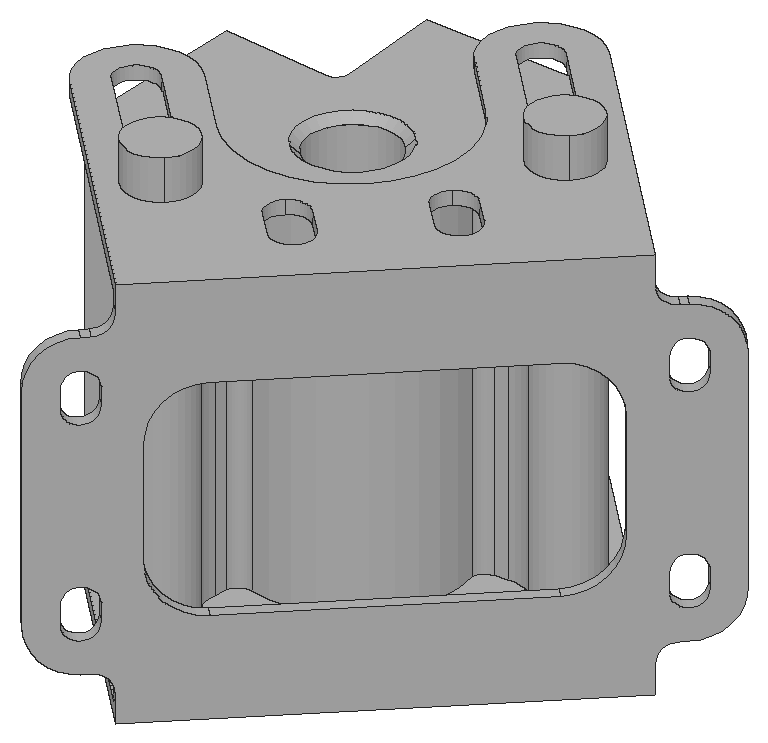
Revit family "676767", category Pipe Fittings, Revit 2018
Family settings
  Round Connector Dimension = Use Diameter
  Part Type = Elbow
  OmniClass Number = 23.27.43.00
  OmniClass Title = Pipe Fittings
  Work Plane-Based = No
  Always vertical = Yes
  Cut with Voids When Loaded = No
  Shared = No
Parameters (values of type "90642")
  Tick Size 02 [instance] = Nominal Diameter 02 * 0.4  # 5.08 mm
  QR code = "https://www.bimobject.com/aignep/product/2-ways-manifold-90642"
  Product url = "https://www.aignep.com/eng/Pipe-fittings-INFINITY/Air-Pipeline-INFINITY-Series/2-WAYS-MANIFOLD2"
  Product name = "2 Ways Manifold - 90642"
  Product group = "Fittings"
  Product family = "INFINITY"
  Product certification = "https://www.aignep.com/eng/Certificazioni/FREE-OF-SILICON"
  Product SKU = "2-Ways-Manifold-90642"
  Product Material = AIGNEP - Aluminium - Grey
  Product Guid = "7b8027e3-e174-44d8-81e9-7c9894361d6e"
  OmniClass Description = "Pipe Fittings"
  OmniClass Code = "23-27 43 00"
  Nominal Diameter 02 [instance] = 12.700 mm
  Nominal Diameter 01 [instance] = 12.700 mm
  Material main = "Aluminium"
  Manufacturer name = "Aignep Spa"
  Manufacturer country = "Italy"
  Lmin [instance] = 35.00 mm  # constant formula
  Lmax [instance] = 60.00 mm  # constant formula
  L Control [instance] = if(L > Lmax, Lmax, if(L < Lmin, Lmin, L))  # 35.00 mm
  L [instance] = 35.00 mm
  IFC Classification = "Pipe Fitting"
  F2/2 [instance] = F2 / 2  # 6.35 mm
  Design country = "Italy"
  Description = "2 Ways Manifold"
  URL = "https://www.aignep.com/"
  Tick Size 01 [instance] = Nominal Diameter 01 * 0.4  # 5.08 mm
  Product data url = "https://www.bimobject.com/aignep/product/2-ways-manifold-90642"
  Model = "90642"
  Manufacturer = "Aignep Spa"
  Lookup Table Name = "2 Ways Manifold - 90642"
  Keynote = "15410"
  Edition number = 1
  F1 [instance] = if(Nominal Diameter 01 > Nominal Diameter 02, size_lookup(Lookup Table Name, "F1", 0.00 mm, Nominal Diameter 01, Nominal Diameter 02), size_lookup(Lookup Table Name, "F1", 0.00 mm, Nominal Diameter 02, Nominal Diameter 01))  # 12.70 mm
  F2 [instance] = if(Nominal Diameter 01 > Nominal Diameter 02, size_lookup(Lookup Table Name, "F2", 0.00 mm, Nominal Diameter 01, Nominal Diameter 02), size_lookup(Lookup Table Name, "F2", 0.00 mm, Nominal Diameter 02, Nominal Diameter 01))  # 12.70 mm
  BIMobject category = "Joints"
  Assembly Code = "D2040100"
  Article Code [instance] = if(Nominal Diameter 01 > Nominal Diameter 02, size_lookup(Lookup Table Name, "", "", Nominal Diameter 01, Nominal Diameter 02), size_lookup(Lookup Table Name, "", "", Nominal Diameter 02, Nominal Diameter 01))  # "90642 00 001"
Reference planes
  plane 1 "Center (Front/Back)": y = 0
  plane 2: z = 0
  plane 3 "Center (Left/Right)": x = 0
  plane 4: through (-1.924, 1.924, 1200) normal (-0.7071, 0.7071, 0)
Dimensions and locks
  locked: plane 4 to plane 3 "Center (Left/Right)" at 2.721
  locked: plane 4 to nested 1 at 2.721
  locked: plane 1 "Center (Front/Back)" to plane 4 (angle 45.00°)
  aligned and locked: level to plane 2
Nested families
  nested 1: "90642 - Geometry" at (22.825, -22.825, 0) x (0, 0, -1) z (-0.7071, 0.7071, 0), Nominal Diameter 01 <- "Nominal Diameter 01", Nominal Diameter 02 <- "Nominal Diameter 02", L <- "L", Lmax <- "Lmax", Lmin <- "Lmin", F1 <- "F1", F2 <- "F2", F2/2 <- "F2/2", L Control <- "L Control", Tick Size 01 <- "Tick Size 01", Tick Size 02 <- "Tick Size 02", type "90642 - Geometry"
    with Tick Size 02 5.08 mm, Tick Size 01 5.08 mm, Nominal Diameter 02 12.700 mm, Nominal Diameter 01 12.700 mm, Lmin 35.00 mm, Lmax 60.00 mm, L Control 35.00 mm, L 35.00 mm, F2/2 6.35 mm, F2 12.70 mm, F1 12.70 mm
Connectors
  piping at (-15.46, 0, 0), diameter 12.7, driven by "Nominal Diameter 02"
    settings: on nested 1, index 1, connector inside diameter 609.600 mm, connector length 0.00 mm, flow factor 0, pipe flow 0.0 L/s, pressure drop 0.0 Pa, fitting loss kfactor 0, connector angle 0.00°, fixture units 0, engagement length 0.00 mm, angle of deflection 0.00°, flow configuration 0, flow direction 0, fitting loss method 0, system type 28, joint type 0, gender type 0, connector reference index 2, connector utility 0, adjustable connector no, is connector primary yes, connector description ""
  piping at (0, 15.46, 0), diameter 12.7, driven by "Nominal Diameter 02"
    settings: on nested 1, index 2, connector inside diameter 609.600 mm, connector length 0.00 mm, flow factor 0, pipe flow 0.0 L/s, pressure drop 0.0 Pa, fitting loss kfactor 0, connector angle 0.00°, fixture units 0, engagement length 0.00 mm, angle of deflection 0.00°, flow configuration 0, flow direction 0, fitting loss method 0, system type 28, joint type 0, gender type 0, connector reference index 1, connector utility 0, adjustable connector no, is connector primary no, connector description ""
  piping at (-1.924, 1.924, 13.048), diameter 12.7, driven by "Nominal Diameter 01"
    settings: on nested 1, index 3, connector inside diameter 609.600 mm, connector length 0.00 mm, flow factor 0, pipe flow 0.0 L/s, pressure drop 0.0 Pa, fitting loss kfactor 0, connector angle 0.00°, fixture units 0, engagement length 0.00 mm, angle of deflection 0.00°, flow configuration 0, flow direction 0, fitting loss method 0, system type 28, joint type 0, gender type 0, connector reference index -1, connector utility 0, adjustable connector no, is connector primary no, connector description ""
  piping at (-1.924, 1.924, -10.595), diameter 12.7, driven by "Nominal Diameter 02"
    settings: on nested 1, index 4, connector inside diameter 609.600 mm, connector length 0.00 mm, flow factor 0, pipe flow 0.0 L/s, pressure drop 0.0 Pa, fitting loss kfactor 0, connector angle 0.00°, fixture units 0, engagement length 0.00 mm, angle of deflection 0.00°, flow configuration 0, flow direction 0, fitting loss method 0, system type 28, joint type 0, gender type 0, connector reference index -1, connector utility 0, adjustable connector no, is connector primary no, connector description ""
Definition of nested family "90642 - Geometry"
  Parameters (values of type "90642 - Geometry")
    Tick Size 02 [instance] = 5.08 mm
    Product Material = none
    Nominal Diameter 02 [instance] = 12.700 mm
    Nominal Diameter 01 [instance] = 12.700 mm
    Lmin [instance] = 35.00 mm
    Lmax [instance] = 60.00 mm
    L Control [instance] = 35.00 mm
    L [instance] = 35.00 mm
    F2/2 [instance] = 6.35 mm
    Default Elevation = 1219.20 mm
    Description = ""
    URL = ""
    Tick Size 01 [instance] = 5.08 mm
    Model = ""
    Manufacturer = ""
    Keynote = ""
    F1 [instance] = 12.70 mm
    F2 [instance] = 12.70 mm
    Assembly Code = ""
  Reference planes
    plane 1 "Center (Front/Back)": y = 0
    plane 2: z = 0
    plane 3 "Center (Left/Right)": x = 0
    plane 4 "L": z = 35
    plane 5: x = 36
    plane 6: x = -36
    plane 7: y = 6.35
    plane 8: y = -6.35
    plane 9: y = 6.35
    plane 10: y = -6.35
    plane 11 "1": z = 43.211
    plane 12: y = 10.932
    plane 13: y = -10.932
  Forms (mm)
    Extrusion 1, solid, material <- "Product Material", detail levels fine
      sketch origin (0, 0, 0) x (0, 1, 0) y (0, 0, 1)
        loop
          arc (0, 21.109) -> (-11.443, 25.723) -> (-16.2, 37.108) r 16
          line (-16.2, 37.108) -> (-16.2, 49.608)
          arc (-16.2, 49.608) -> (-18.561, 55.282) -> (-24.25, 57.608) r 8
          arc (-24.25, 57.608) -> (-29.939, 55.282) -> (-32.3, 49.608) r 8
          line (-32.3, 49.608) -> (-32.3, 0) -> (32.3, 0) -> (32.3, 49.608)
          arc (32.3, 49.608) -> (29.939, 55.282) -> (24.25, 57.608) r 8
          arc (24.25, 57.608) -> (18.561, 55.282) -> (16.2, 49.608) r 8
          line (16.2, 49.608) -> (16.2, 37.108)
          arc (16.2, 37.108) -> (11.443, 25.723) -> (0, 21.109) r 16
        loop
          line (13.05, 10.2) -> (13.05, 15.2)
          arc (13.05, 15.2) -> (12.157, 17.357) -> (10, 18.25) r 3.05
          arc (10, 18.25) -> (7.843, 17.357) -> (6.95, 15.2) r 3.05
          line (6.95, 15.2) -> (6.95, 10.2)
          arc (6.95, 10.2) -> (10, 7.15) -> (13.05, 10.2) r 3.05
        loop
          line (-6.95, 10.2) -> (-6.95, 15.2)
          arc (-6.95, 15.2) -> (-7.843, 17.357) -> (-10, 18.25) r 3.05
          arc (-10, 18.25) -> (-12.157, 17.357) -> (-13.05, 15.2) r 3.05
          line (-13.05, 15.2) -> (-13.05, 10.2)
          arc (-13.05, 10.2) -> (-10, 7.15) -> (-6.95, 10.2) r 3.05
        loop
          line (27.3, 23.683) -> (27.3, 49.683)
          arc (27.3, 49.683) -> (24.25, 52.733) -> (21.2, 49.683) r 3.05
          line (21.2, 49.683) -> (21.2, 23.683)
          arc (21.2, 23.683) -> (24.25, 20.633) -> (27.3, 23.683) r 3.05
        loop
          line (-21.2, 23.683) -> (-21.2, 49.683)
          arc (-21.2, 49.683) -> (-24.25, 52.733) -> (-27.3, 49.683) r 3.05
          line (-27.3, 49.683) -> (-27.3, 23.683)
          arc (-27.3, 23.683) -> (-24.25, 20.633) -> (-21.2, 23.683) r 3.05
      from 28 to 30
    Extrusion 2, solid, material <- "Product Material", detail levels fine
      sketch origin (0, 0, 0) x (0, 1, 0) y (0, 0, 1)
        loop
          arc (0, 21.109) -> (-11.443, 25.723) -> (-16.2, 37.108) r 16
          line (-16.2, 37.108) -> (-16.2, 49.608)
          arc (-16.2, 49.608) -> (-18.561, 55.282) -> (-24.25, 57.608) r 8
          arc (-24.25, 57.608) -> (-29.939, 55.282) -> (-32.3, 49.608) r 8
          line (-32.3, 49.608) -> (-32.3, 0) -> (32.3, 0) -> (32.3, 49.608)
          arc (32.3, 49.608) -> (29.939, 55.282) -> (24.25, 57.608) r 8
          arc (24.25, 57.608) -> (18.561, 55.282) -> (16.2, 49.608) r 8
          line (16.2, 49.608) -> (16.2, 37.108)
          arc (16.2, 37.108) -> (11.443, 25.723) -> (0, 21.109) r 16
        loop
          line (13.05, 10.2) -> (13.05, 15.2)
          arc (13.05, 15.2) -> (12.157, 17.357) -> (10, 18.25) r 3.05
          arc (10, 18.25) -> (7.843, 17.357) -> (6.95, 15.2) r 3.05
          line (6.95, 15.2) -> (6.95, 10.2)
          arc (6.95, 10.2) -> (10, 7.15) -> (13.05, 10.2) r 3.05
        loop
          line (-6.95, 10.2) -> (-6.95, 15.2)
          arc (-6.95, 15.2) -> (-7.843, 17.357) -> (-10, 18.25) r 3.05
          arc (-10, 18.25) -> (-12.157, 17.357) -> (-13.05, 15.2) r 3.05
          line (-13.05, 15.2) -> (-13.05, 10.2)
          arc (-13.05, 10.2) -> (-10, 7.15) -> (-6.95, 10.2) r 3.05
        loop
          line (27.3, 23.683) -> (27.3, 49.683)
          arc (27.3, 49.683) -> (24.25, 52.733) -> (21.2, 49.683) r 3.05
          line (21.2, 49.683) -> (21.2, 23.683)
          arc (21.2, 23.683) -> (24.25, 20.633) -> (27.3, 23.683) r 3.05
        loop
          line (-21.2, 23.683) -> (-21.2, 49.683)
          arc (-21.2, 49.683) -> (-24.25, 52.733) -> (-27.3, 49.683) r 3.05
          line (-27.3, 49.683) -> (-27.3, 23.683)
          arc (-27.3, 23.683) -> (-24.25, 20.633) -> (-21.2, 23.683) r 3.05
      from -30 to -28
    Extrusion 3, solid, material <- "Product Material", detail levels fine
      sketch origin (0, 0, 0) x (1, 0, 0) y (0, 1, 0)
        loop
          line (16, 43.5) -> (-16, 43.5)
          arc (-16, 43.5) -> (-20.95, 41.45) -> (-23, 36.5) r 7
          line (-23, 36.5) -> (-23, 35.3)
          arc (-23, 35.3) -> (-23.879, 33.179) -> (-26, 32.3) r 3
          line (-26, 32.3) -> (-28, 32.3) -> (-28, -32.3) -> (-26, -32.3)
          arc (-26, -32.3) -> (-23.879, -33.179) -> (-23, -35.3) r 3
          line (-23, -35.3) -> (-23, -36.5)
          arc (-23, -36.5) -> (-20.95, -41.45) -> (-16, -43.5) r 7
          line (-16, -43.5) -> (16, -43.5)
          arc (16, -43.5) -> (20.95, -41.45) -> (23, -36.5) r 7
          line (23, -36.5) -> (23, -35.3)
          arc (23, -35.3) -> (23.879, -33.179) -> (26, -32.3) r 3
          line (26, -32.3) -> (28, -32.3) -> (28, 32.3) -> (26, 32.3)
          arc (26, 32.3) -> (23.879, 33.179) -> (23, 35.3) r 3
          line (23, 35.3) -> (23, 36.5)
          arc (23, 36.5) -> (20.95, 41.45) -> (16, 43.5) r 7
        loop
          arc (-16, -21) -> (-13.657, -26.657) -> (-8, -29) r 8
          line (-8, -29) -> (8, -29)
          arc (8, -29) -> (13.657, -26.657) -> (16, -21) r 8
          line (16, -21) -> (16, 21)
          arc (16, 21) -> (13.657, 26.657) -> (8, 29) r 8
          line (8, 29) -> (-8, 29)
          arc (-8, 29) -> (-13.657, 26.657) -> (-16, 21) r 8
          line (-16, 21) -> (-16, -21)
        loop
          arc (-16, 39) -> (-18.5, 36.5) -> (-16, 34) r 2.5
          line (-16, 34) -> (-13.5, 34)
          arc (-13.5, 34) -> (-11, 36.5) -> (-13.5, 39) r 2.5
          line (-13.5, 39) -> (-16, 39)
        loop
          arc (13.5, 39) -> (11, 36.5) -> (13.5, 34) r 2.5
          line (13.5, 34) -> (16, 34)
          arc (16, 34) -> (18.5, 36.5) -> (16, 39) r 2.5
          line (16, 39) -> (13.5, 39)
        loop
          arc (13.5, -34) -> (11, -36.5) -> (13.5, -39) r 2.5
          line (13.5, -39) -> (16, -39)
          arc (16, -39) -> (18.5, -36.5) -> (16, -34) r 2.5
          line (16, -34) -> (13.5, -34)
        loop
          arc (-16, -34) -> (-18.5, -36.5) -> (-16, -39) r 2.5
          line (-16, -39) -> (-13.5, -39)
          arc (-13.5, -39) -> (-11, -36.5) -> (-13.5, -34) r 2.5
          line (-13.5, -34) -> (-16, -34)
      from 0 to 2
    Extrusion 4, solid, material <- "Product Material", detail levels fine
      sketch origin (-32.5, 55.314, 1200) x (0, 1, 0) y (0, 0, 1)
        loop
          line (-24.259, -1155.75) -> (-43.343, -1136.666) -> (-53.805, -1148.7)
          arc (-53.805, -1148.7) -> (-55.314, -1149.388) -> (-56.823, -1148.7) r 2
          line (-56.823, -1148.7) -> (-67.285, -1136.666) -> (-86.369, -1155.75) -> (-76.206, -1164.584)
          arc (-76.206, -1164.584) -> (-75.192, -1166.809) -> (-76.206, -1169.034) r 2.948
          arc (-76.206, -1169.034) -> (-77.835, -1170.102) -> (-79.691, -1170.695) r 7.217
          arc (-79.691, -1170.695) -> (-83.8, -1178.491) -> (-75.047, -1177.477) r 4.981
          arc (-75.047, -1177.477) -> (-74.29, -1175.454) -> (-72.859, -1173.836) r 5.927
          line (-72.859, -1173.836) -> (-71.346, -1172.654)
          arc (-71.346, -1172.654) -> (-70.009, -1172.222) -> (-68.708, -1172.754) r 2.047
          arc (-68.708, -1172.754) -> (-55.614, -1180.434) -> (-42.278, -1173.182) r 15.431
          arc (-42.278, -1173.182) -> (-40.898, -1172.251) -> (-39.282, -1172.654) r 2.047
          line (-39.282, -1172.654) -> (-37.769, -1173.836)
          arc (-37.769, -1173.836) -> (-36.63, -1175.014) -> (-35.857, -1176.458) r 5.927
          arc (-35.857, -1176.458) -> (-27.149, -1178.91) -> (-30.938, -1170.695) r 4.981
          arc (-30.938, -1170.695) -> (-32.793, -1170.102) -> (-34.422, -1169.034) r 7.217
          arc (-34.422, -1169.034) -> (-35.436, -1166.809) -> (-34.422, -1164.584) r 2.948
          line (-34.422, -1164.584) -> (-24.259, -1155.75)
      from 4.5 to 60.5
    Extrusion 5, solid, material <- "Product Material", detail levels fine
      sketch origin (36, -1524, 2214.315) x (0, 0, 1) y (0, -1, 0)
        loop
          circle (-2189.991, -1548.25) r 4.981
        loop
          circle (-2189.991, -1499.75) r 4.981
      from -8 to 0
    Extrusion 6, solid, material <- "Product Material", detail levels fine
      sketch origin (-36, -1524, 2214.315) x (0, 0, 1) y (0, -1, 0)
        loop
          circle (-2189.991, -1548.25) r 4.981
        loop
          circle (-2189.991, -1499.75) r 4.981
      from 8 to 0
    Revolve 7, void
      sketch origin (0, 0, 0) x (0, 1, 0) y (0, 0, 1)
        loop
          line (6.442, 47.702) -> (10.932, 43.211) -> (21.513, 53.792) -> (15.874, 59.431) -> (15.874, 57.133) -> (6.442, 47.702)
        axis (10.932, 43.211) -> (21.513, 53.792)
      angle from 0 to 360
    Revolve 8, void
      sketch origin (0, 0, 0) x (0, -1, 0) y (0, 0, -1)
        loop
          line (6.442, -47.702) -> (15.874, -57.133) -> (15.874, -59.431) -> (21.513, -53.792) -> (10.932, -43.211) -> (6.442, -47.702)
        axis (10.932, -43.211) -> (21.513, -53.792)
      angle from 0 to 360
    Revolve 9, void
      sketch origin (0, 54.113, 35) x (0, 1, 0) y (-1, 0, 0)
        loop
          line (-46.51, 28) -> (-54.113, 28) -> (-54.113, 13.048) -> (-47.763, 13.048) -> (-47.763, 26.748) -> (-46.51, 28)
        axis (-54.113, 13.048) -> (-54.113, 28)
      angle from 0 to 360
    Revolve 10, void
      sketch origin (0, 54.113, 35) x (0, 1, 0) y (-1, 0, 0)
        loop
          line (-40.634, -28) -> (-42.142, -26.492) -> (-42.142, -20.595) -> (-47.763, -20.595) -> (-47.763, -10.595) -> (-54.113, -10.595) -> (-54.113, -28) -> (-40.634, -28)
        axis (-54.113, -28) -> (-54.113, -10.595)
      angle from 0 to 360
  Cuts and joins
    joined: Extrusion 1, Extrusion 2, Extrusion 3
    Revolve 7, Revolve 8, Revolve 9, Revolve 10 cuts Extrusion 4
  Lines and regions (mm)
    reference lines
      curve 1: line (0, 33.077, 65.357) -> (0, 0, 32.279)
      curve 2: line (0, 0, 32.279) -> (0, -31.82, 64.099)
    model lines, detail levels coarse+medium
      curve 3: line (-13.048, 0, 35) -> (10.595, 0, 35)
      curve 4: line (-13.048, 0, 35) -> (-13.048, 5.08, 35)
      curve 5: line (-13.048, 0, 35) -> (-13.048, -5.08, 35)
      curve 6: line (10.595, 0, 35) -> (10.595, 5.08, 35)
      curve 7: line (10.595, 0, 35) -> (10.595, -5.08, 35)
      curve 8: line (0, 0, 32.279) -> (0, 10.932, 43.211)
      curve 9: line (0, 0, 32.279) -> (0, -10.932, 43.211)
      curve 10: line (0, 0, 35) -> (0, 0, 32.279)
      curve 11: line (0, 14.524, 39.619) -> (0, 7.34, 46.804)
      curve 12: line (0, -7.34, 46.804) -> (0, -14.524, 39.619)
  Dimensions and locks
    plane 4 "L" to Extrusion 5 sketch curve to Extrusion 5 sketch curve = 10.676 mm locked, 0.00 mm locked
    equal spacing: plane 5, plane 3 "Center (Left/Right)", plane 6
    locked: plane 5 to plane 6 at 72
    locked: Extrusion 6 sketch curve to Extrusion 6 sketch curve at 0
    equal spacing: Extrusion 6 sketch curve, plane 1 "Center (Front/Back)", Extrusion 6 sketch curve
    locked: Extrusion 5 sketch curve to plane 1 "Center (Front/Back)" at 24.25
    equal spacing: Extrusion 5 sketch curve, plane 1 "Center (Front/Back)", Extrusion 5 sketch curve
    Extrusion 4 sketch curve to Extrusion 4 sketch curve to Extrusion 4 sketch curve to Extrusion 4 sketch curve to Extrusion 4 sketch curve to plane 4 "L" to Extrusion 4 sketch curve to Extrusion 4 sketch curve to Extrusion 4 sketch curve = 0.00 mm locked, 12.722 mm locked, 6.362 mm locked, 0.00 mm locked, 9.25 mm locked, 15.436 mm locked, 0.221 mm locked, 0.00 mm locked
    Revolve 7 sketch curve to Revolve 7 sketch curve to Revolve 7 sketch curve = 13.338 mm locked, 1.625 mm locked
    locked: Revolve 7 sketch curve to Revolve 7 sketch curve at 1.625
    locked: Revolve 8 sketch curve to Revolve 8 sketch curve at 1.625
    Revolve 8 sketch curve to Revolve 8 sketch curve to Revolve 8 sketch curve = 1.625 mm locked, 13.338 mm locked
    locked: plane 4 "L" to curve 1 at 2.721
    "F2/2": curve 1 to Revolve 7 sketch curve
    Extrusion 2 sketch curve to Extrusion 2 sketch curve to Extrusion 2 sketch curve to Extrusion 2 sketch curve to plane 2 = 0.00 mm locked, 4.875 mm locked, 0.00 mm locked, 52.733 mm locked
    locked: curve 2 to Revolve 7 sketch curve at 15.46
    locked: curve 1 to Revolve 8 sketch curve at 15.46
    equal spacing: plane 8, plane 1 "Center (Front/Back)", plane 7
    "F1": plane 7 to plane 8
    equal spacing: plane 10, plane 1 "Center (Front/Back)", plane 9
    "F2": plane 9 to plane 10
    locked: Revolve 9 sketch curve to plane 7 at 1.252
    plane 6 to Revolve 9 sketch curve to Revolve 9 sketch curve to Revolve 9 sketch curve = 8.00 mm locked, 1.252 mm locked, 13.70 mm locked
    Revolve 10 sketch curve to Revolve 10 sketch curve to plane 9 = 1.508 mm locked, 5.621 mm locked
    Revolve 10 sketch curve to Revolve 10 sketch curve to Revolve 10 sketch curve to Revolve 10 sketch curve to plane 5 = 10.00 mm locked, 5.898 mm locked, 1.508 mm locked, 8.00 mm locked
    "F2/2": curve 2 to Revolve 8 sketch curve
    locked: Extrusion 1 sketch curve to plane 2 at 37.108  (x2)
    Extrusion 1 sketch curve to Extrusion 1 sketch curve to Extrusion 1 sketch curve to Extrusion 1 sketch curve to Extrusion 1 sketch curve to Extrusion 1 sketch curve to plane 2 = 0.00 mm locked, 4.875 mm locked, 0.00 mm locked, 32.10 mm locked, 0.00 mm locked, 20.633 mm locked
    Extrusion 2 sketch curve to Extrusion 2 sketch curve to plane 2 = 0.00 mm locked, 20.633 mm locked
    locked: Extrusion 2 sketch curve to plane 2 at 37.108  (x2)
    equal spacing: curve 5, plane 1 "Center (Front/Back)", curve 4
    "Tick Size 01": plane 1 "Center (Front/Back)" to curve 4
    equal spacing: curve 7, plane 1 "Center (Front/Back)", curve 6
    "Tick Size 02": plane 1 "Center (Front/Back)" to curve 6
    "L Control": plane 4 "L" to plane 2
    locked: plane 11 "1" to plane 4 "L" at 8.211
    equal spacing: plane 12, plane 1 "Center (Front/Back)", plane 13
    locked: plane 12 to plane 13 at 21.864
    equal spacing: curve 11, curve 1, curve 11
    "Tick Size 02": curve 1 to curve 11
    equal spacing: curve 12, curve 2, curve 12
    "Tick Size 02": curve 2 to curve 12
    locked: curve 1 to plane 4 "L" (angle 45.00°)
    locked: plane 4 "L" to curve 2 (angle 45.00°)
    aligned and locked: level to plane 2
    aligned and locked: Revolve 7 sketch curve to curve 1  (x2)
    aligned and locked: Revolve 9 sketch curve to plane 1 "Center (Front/Back)"
    aligned and locked: plane 7 to Revolve 9 sketch curve
    aligned and locked: Revolve 10 sketch curve to plane 1 "Center (Front/Back)"  (x2)
    aligned and locked: plane 9 to Revolve 10 sketch curve
    aligned and locked: curve 2 to Revolve 8 sketch curve  (x2)
    aligned and locked: curve 1 to curve 10
    aligned and locked: plane 4 "L" to curve 10
    aligned and locked: curve 8 to curve 1
    aligned and locked: curve 9 to curve 2
    aligned and locked: plane 11 "1" to curve 8
    aligned and locked: plane 11 "1" to curve 9
    aligned and locked: cut or joined group of Extrusion 4, Revolve 7, Revolve 8, Revolve 9, Revolve 10 to curve 11
    aligned and locked: curve 12 to cut or joined group of Extrusion 4, Revolve 7, Revolve 8, Revolve 9, Revolve 10
  Automatic sketch dimensions
    Extrusion 1 sketch curve to Extrusion 1 sketch curve = 0.00 mm  (x4)
    Extrusion 1 sketch curve to level = 0.00 mm
    Extrusion 1 sketch curve to plane 1 "Center (Front/Back)" = 0.00 mm
    plane 1 "Center (Front/Back)" to Extrusion 1 sketch curve = 0.20 mm
    plane 1 "Center (Front/Back)" to Extrusion 1 sketch curve = 6.95 mm
    Extrusion 1 sketch curve to Extrusion 1 sketch curve = 3.05 mm  (x3)
    Extrusion 1 sketch curve to Extrusion 1 sketch curve = 16.00 mm
    Extrusion 1 sketch curve to Extrusion 1 sketch curve = 3.00 mm  (x2)
    Extrusion 1 sketch curve to Extrusion 1 sketch curve = 0.05 mm  (x3)
    Extrusion 1 sketch curve to Extrusion 1 sketch curve = 19.25 mm
    Extrusion 1 sketch curve to plane 1 "Center (Front/Back)" = 0.20 mm
    Extrusion 1 sketch curve to plane 1 "Center (Front/Back)" = 6.95 mm
    Extrusion 1 sketch curve to Extrusion 1 sketch curve = 8.15 mm
    level to Extrusion 1 sketch curve = 10.20 mm  (x2)
    Extrusion 1 sketch curve to Extrusion 1 sketch curve = 5.00 mm  (x2)
    Extrusion 1 sketch curve to Extrusion 1 sketch curve = 0.075 mm  (x2)
    Extrusion 2 sketch curve to Extrusion 2 sketch curve = 0.00 mm  (x4)
    Extrusion 2 sketch curve to level = 0.00 mm
    Extrusion 2 sketch curve to plane 1 "Center (Front/Back)" = 0.00 mm
    plane 1 "Center (Front/Back)" to Extrusion 2 sketch curve = 0.20 mm
    plane 1 "Center (Front/Back)" to Extrusion 2 sketch curve = 6.95 mm
    Extrusion 2 sketch curve to Extrusion 2 sketch curve = 3.05 mm  (x3)
    Extrusion 2 sketch curve to Extrusion 2 sketch curve = 16.00 mm
    Extrusion 2 sketch curve to Extrusion 2 sketch curve = 3.00 mm  (x2)
    Extrusion 2 sketch curve to Extrusion 2 sketch curve = 0.05 mm  (x3)
    Extrusion 2 sketch curve to Extrusion 2 sketch curve = 19.25 mm
    Extrusion 2 sketch curve to plane 1 "Center (Front/Back)" = 0.20 mm
    Extrusion 2 sketch curve to plane 1 "Center (Front/Back)" = 6.95 mm
    Extrusion 2 sketch curve to Extrusion 2 sketch curve = 8.15 mm
    level to Extrusion 2 sketch curve = 10.20 mm  (x2)
    Extrusion 2 sketch curve to Extrusion 2 sketch curve = 5.00 mm  (x2)
    Extrusion 2 sketch curve to Extrusion 2 sketch curve = 0.075 mm  (x2)
    Extrusion 3 sketch curve to Extrusion 3 sketch curve = 0.00 mm  (x9)
    plane 6 to Extrusion 3 sketch curve = 8.00 mm
    Extrusion 3 sketch curve to Extrusion 3 sketch curve = 2.00 mm  (x3)
    Extrusion 3 sketch curve to Extrusion 3 sketch curve = 3.00 mm  (x4)
    Extrusion 3 sketch curve to Extrusion 3 sketch curve = 7.00 mm  (x4)
    Extrusion 3 sketch curve to Extrusion 3 sketch curve = 2.50 mm  (x7)
    Extrusion 3 sketch curve to plane 3 "Center (Left/Right)" = 8.00 mm
    Extrusion 3 sketch curve to Extrusion 3 sketch curve = 5.50 mm  (x3)
    plane 3 "Center (Left/Right)" to Extrusion 3 sketch curve = 8.00 mm  (x2)
    Extrusion 3 sketch curve to Extrusion 3 sketch curve = 8.00 mm
    plane 1 "Center (Front/Back)" to Extrusion 3 sketch curve = 43.50 mm
    Extrusion 3 sketch curve to Extrusion 3 sketch curve = 1.20 mm  (x2)
    Extrusion 3 sketch curve to Extrusion 3 sketch curve = 5.00 mm
    Extrusion 3 sketch curve to plane 1 "Center (Front/Back)" = 21.00 mm
    Extrusion 3 sketch curve to Extrusion 3 sketch curve = 11.30 mm  (x2)
    Extrusion 3 sketch curve to Extrusion 3 sketch curve = 1.30 mm  (x2)
    Extrusion 4 sketch curve to plane 1 "Center (Front/Back)" = 0.00 mm
    Extrusion 4 sketch curve to plane 4 "L" = 0.005 mm
    plane 1 "Center (Front/Back)" to Extrusion 4 sketch curve = 0.05 mm
    plane 1 "Center (Front/Back)" to Extrusion 4 sketch curve = 1.509 mm
    plane 1 "Center (Front/Back)" to Extrusion 4 sketch curve = 11.971 mm
    plane 1 "Center (Front/Back)" to Extrusion 4 sketch curve = 13.896 mm
    Extrusion 4 sketch curve to Extrusion 4 sketch curve = 0.876 mm  (x2)
    Extrusion 4 sketch curve to plane 4 "L" = 7.654 mm  (x2)
    Extrusion 4 sketch curve to Extrusion 4 sketch curve = 1.26 mm  (x2)
    Extrusion 4 sketch curve to plane 4 "L" = 8.836 mm  (x2)
    Extrusion 4 sketch curve to Extrusion 4 sketch curve = 1.513 mm  (x2)
    plane 4 "L" to Extrusion 4 sketch curve = 0.416 mm  (x2)
    Extrusion 4 sketch curve to Extrusion 4 sketch curve = 4.861 mm  (x2)
    Extrusion 4 sketch curve to Extrusion 4 sketch curve = 1.934 mm  (x2)
    Extrusion 4 sketch curve to Extrusion 4 sketch curve = 6.832 mm  (x2)
    plane 4 "L" to Extrusion 4 sketch curve = 1.412 mm  (x2)
    Extrusion 4 sketch curve to Extrusion 4 sketch curve = 2.80 mm  (x2)
    Extrusion 4 sketch curve to Extrusion 4 sketch curve = 5.428 mm  (x2)
    Extrusion 4 sketch curve to plane 1 "Center (Front/Back)" = 1.509 mm
    Extrusion 4 sketch curve to plane 1 "Center (Front/Back)" = 11.971 mm
    Extrusion 4 sketch curve to plane 1 "Center (Front/Back)" = 13.896 mm
    Extrusion 4 sketch curve to Extrusion 4 sketch curve = 1.613 mm  (x2)
    Extrusion 4 sketch curve to Extrusion 4 sketch curve = 1.84 mm  (x2)
    Extrusion 4 sketch curve to Extrusion 4 sketch curve = 4.239 mm  (x2)
    Extrusion 4 sketch curve to plane 4 "L" = 1.809 mm  (x2)
    Extrusion 4 sketch curve to Extrusion 4 sketch curve = 12.034 mm
    Extrusion 4 sketch curve to Extrusion 4 sketch curve = 0.00 mm  (x2)
    Extrusion 6 sketch curve to plane 4 "L" = 10.676 mm
    Extrusion 6 sketch curve to plane 1 "Center (Front/Back)" = 24.25 mm
    plane 1 "Center (Front/Back)" to Revolve 9 sketch curve = 0.00 mm
    Revolve 9 sketch curve to Revolve 9 sketch curve = 0.00 mm
    Revolve 9 sketch curve to plane 6 = 2.825 mm
    Revolve 10 sketch curve to Revolve 10 sketch curve = 0.00 mm
    Revolve 10 sketch curve to Revolve 10 sketch curve = 5.00 mm
    curve 1 to plane 1 "Center (Front/Back)" = 0.00 mm
    Revolve 7 sketch curve to plane 11 "1" = 10.581 mm
    Revolve 7 sketch curve to plane 11 "1" = 15.289 mm
    Revolve 8 sketch curve to plane 11 "1" = 10.581 mm
    Revolve 8 sketch curve to plane 11 "1" = 15.289 mm
    plane 1 "Center (Front/Back)" to curve 3 = 0.00 mm
    plane 3 "Center (Left/Right)" to curve 3 = 10.595 mm
    curve 4 to plane 3 "Center (Left/Right)" = 13.048 mm
    radius of Extrusion 5 sketch curve = 4.981 mm  (x2)
    radius of Extrusion 6 sketch curve = 4.981 mm  (x2)
